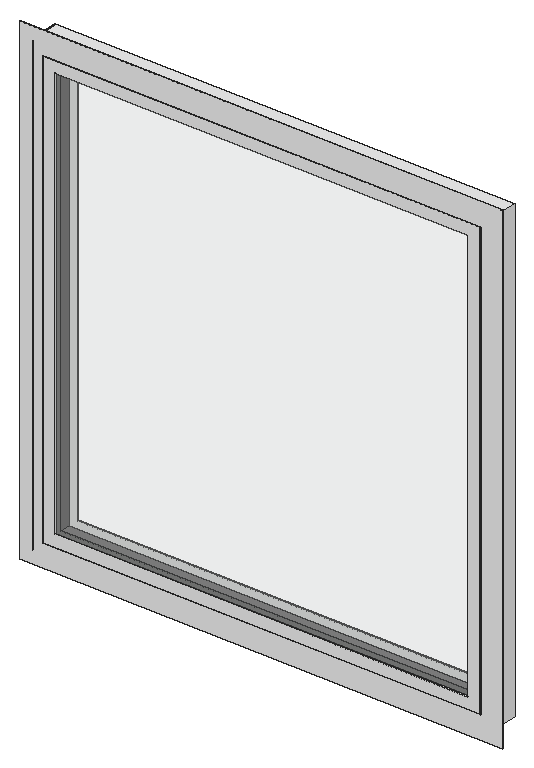
Revit family "Casement_34_C_Side_Hung_Standard", category Windows, host Wall, Revit 2014
Parameters (values of type "Casement_Sash_DG")
  Width Sash [instance] = 30 mm
  Width Sash Inner = 15 mm
  Width Bead = 15 mm
  Top Hung [instance] = yes
  Side Hung Right [instance] = yes
  Side Hung Left [instance] = yes
  Sash Opening Width [instance] = 600 mm
  Sash Opening Height [instance] = 600.312 mm
  Sash Lip = 15 mm
  Glazing Material [instance] = Glass
  DG Start Piece 2 [instance] = DG End Piece 1 + DG Gasket Thickness  # 25 mm
  DG Start Peice 1 [instance] = (Depth Sash - (2 * DG Glazing Thickness) - DG Gasket Thickness) / 2  # 6.6 mm
  Glazing Offset = 5 mm
  DG Glazing Thickness [instance] = 6.4 mm
  DG Gasket Thickness = 12 mm  # constant formula
  DG Gasket Material [instance] = Double Glazing Gasket Material
  DG End Piece 2 [instance] = DG Start Piece 2 + DG Glazing Thickness  # 31.4 mm
  DG End Piece 1 [instance] = DG Start Peice 1 + DG Glazing Thickness  # 13 mm
  Depth Sash [instance] = 38 mm
  Center Vertical Sash [instance] = Sash Opening Height / 2  # 300.156 mm
  Center Horizontal Sash [instance] = Sash Opening Width / 2  # 300 mm
  Bottom Hung [instance] = yes
  Bead Offset = 15 mm
  Aluminium Thickness = 1 mm
  Aluminium Material [instance] = White Powder Coated Aluminium
Reference planes
  plane 1 "Center (Front/Back)": y = 0
  plane 2: z = 0
  plane 3 "Center (Left/Right)": x = 0
Forms (mm)
  Sweep 1, solid, material "White Powder Coated Aluminium" <- "Aluminium Material"
    path origin (16.177, 0, 121.331) x (1, 0, 0) y (0, 0, 1)
      loop
        line (0, 0) -> (600, 0) -> (600, 600.312) -> (0, 600.312) -> (0, 0)
    profile origin (316.177, 0, 121.331) x (0, 0, 1) y (0, -1, 0)
      loop
        line (0, 0) -> (30, 0) -> (30, 1) -> (15, 1) -> (15, 38) -> (-15, 38) -> (-15, 37) -> (0, 37) -> (0, 0)
      loop
        line (14, 1) -> (14, 37) -> (1, 37) -> (1, 1) -> (14, 1)
  Sweep 2, solid, material "White Powder Coated Aluminium" <- "Aluminium Material"
    path origin (0, 0, 0) x (1, 0, 0) y (0, 0, 1)
      loop
        line (31.177, 706.643) -> (31.177, 136.331) -> (601.177, 136.331) -> (601.177, 706.643) -> (31.177, 706.643)
    profile origin (316.177, 0, 706.643) x (0, 0, 1) y (0, -1, 0)
      loop
        line (0, 37) -> (0, 38) -> (-15, 38) -> (-15, 37) -> (0, 37)
  Extrusion 3, solid, material "Glass" <- "Glazing Material"
    sketch origin (0, 0, 0) x (1, 0, 0) y (0, 0, 1)
      loop
        line (36.177, 701.643) -> (36.177, 141.331) -> (596.177, 141.331) -> (596.177, 701.643) -> (36.177, 701.643)
    from 6.6 <- "DG Start Peice 1" to 13 <- "DG End Piece 1"
  Extrusion 4, solid, material "Glass" <- "Glazing Material"
    sketch origin (0, 0, 0) x (1, 0, 0) y (0, 0, 1)
      loop
        line (36.177, 701.643) -> (36.177, 141.331) -> (596.177, 141.331) -> (596.177, 701.643) -> (36.177, 701.643)
    from 31.4 <- "DG End Piece 2" to 25 <- "DG Start Piece 2"
  Sweep 5, solid, material "Double Glazing Gasket Material" <- "DG Gasket Material"
    path origin (0, -13, 0) x (1, 0, 0) y (0, 0, 1)
      loop
        line (36.177, 701.643) -> (36.177, 141.331) -> (596.177, 141.331) -> (596.177, 701.643) -> (36.177, 701.643)
    profile origin (316.177, -13, 701.643) x (0, 0, 1) y (0, -1, 0)
      loop
        line (0, 0) -> (0, 12) -> (-7.96, 12) -> (-7.96, 0) -> (0, 0)
Lines and regions (mm)
  model lines
    curve 1: line (1.177, -38, 736.643) -> (31.177, -38, 706.643)
    curve 2: line (601.177, -38, 706.643) -> (631.177, -38, 736.643)
    curve 3: line (601.177, -38, 136.331) -> (631.177, -38, 106.331)
    curve 4: line (1.177, -38, 106.331) -> (31.177, -38, 136.331)
    curve 5: line (631.177, -37, 736.643) -> (616.177, -37, 721.643)
    curve 6: line (1.177, -37, 736.643) -> (16.177, -37, 721.643)
    curve 7: line (1.177, -37, 106.331) -> (16.177, -37, 121.331)
    curve 8: line (631.177, -37, 106.331) -> (616.177, -37, 121.331)
    curve 9: line (616.177, 0, 121.331) -> (586.177, 0, 151.331)
    curve 10: line (46.177, 0, 151.331) -> (16.177, 0, 121.331)
    curve 11: line (616.177, 0, 721.643) -> (586.177, 0, 691.643)
    curve 12: line (46.177, 0, 691.643) -> (16.177, 0, 721.643)
    curve 13: line (31.177, -38, 691.643) -> (46.177, -38, 691.643)
    curve 14: line (586.177, -38, 691.643) -> (601.177, -38, 691.643)
    curve 15: line (586.177, -38, 151.331) -> (601.177, -38, 151.331)
    curve 16: line (31.177, -38, 151.331) -> (46.177, -38, 151.331)
  model lines, style "GenericModelHiddenLines", visible <- "Top Hung"
    curve 17: line (46.386, -31.4, 690.914) -> (316.177, -31.4, 151.331)
    curve 18: line (316.177, -31.4, 151.331) -> (586.177, -31.4, 691.331)
  model lines, style "GenericModelHiddenLines", visible <- "Bottom Hung"
    curve 19: line (46.177, -31.4, 151.331) -> (316.177, -31.4, 691.331)
    curve 20: line (316.177, -31.4, 691.331) -> (586.177, -31.4, 151.331)
  model lines, style "GenericModelHiddenLines", visible <- "Side Hung Left"
    curve 21: line (46.386, -31.4, 690.914) -> (585.24, -31.4, 421.487)
    curve 22: line (585.24, -31.4, 421.487) -> (46.177, -31.4, 151.331)
  model lines, style "GenericModelHiddenLines", visible <- "Side Hung Right"
    curve 23: line (586.177, -31.4, 691.331) -> (46.177, -31.4, 421.487)
    curve 24: line (46.177, -31.4, 421.487) -> (586.177, -31.4, 151.331)
Dimensions and locks
  "Aluminium Thickness": Sweep 1 sketch curve to Sweep 1 sketch curve  (x4)
  "Depth Sash": Sweep 1 sketch curve to Sweep 1 sketch curve
  "Sash Opening Width": Sweep 1 to Sweep 1
  "Sash Opening Height": Sweep 1 to Sweep 1
  "Width Sash": Sweep 1 sketch curve to Sweep 1 sketch curve  (x2)
  "Width Sash Inner": Sweep 1 sketch curve to Sweep 1 sketch curve
  "Sash Lip": Sweep 1 sketch curve to Sweep 1 sketch curve
  "Aluminium Thickness": Sweep 1 to Sweep 2 sketch curve
  "Glazing Offset": Sweep 2 to Extrusion 3 sketch curve  (x3)
  "Glazing Offset": Extrusion 3 sketch curve to Sweep 2
  Sweep 1 to Sweep 1 = 1 mm
  "Aluminium Thickness": Sweep 2 sketch curve to Sweep 2 sketch curve
  "Width Bead": Sweep 2 sketch curve to Sweep 2 sketch curve
  locked: Sweep 5 sketch curve to Sweep 5 sketch curve at 7.96
  "Center Horizontal Sash": Sweep 1 to curve 18
  "Center Horizontal Sash": Sweep 1 to curve 20
  "Center Vertical Sash": Sweep 1 to curve 22
  "Center Vertical Sash": Sweep 1 to curve 24
  aligned and locked: level to plane 2
  aligned and locked: Sweep 1 sketch curve to Sweep 1 sketch curve  (x2)
  aligned and locked: Sweep 2 sketch curve to Sweep 1  (x5)
  aligned and locked: Extrusion 4 sketch curve to Extrusion 3  (x4)
  aligned and locked: Sweep 5 sketch curve to Extrusion 3  (x5)
  aligned and locked: Extrusion 3 to Sweep 5 sketch curve
Automatic sketch dimensions
  plane 3 "Center (Left/Right)" to Sweep 1 sketch curve = 16.177 mm
  level to Sweep 1 sketch curve = 121.331 mm
  plane 3 "Center (Left/Right)" to Sweep 1 sketch curve = 616.177 mm
  level to Sweep 1 sketch curve = 721.643 mm
  profile plane to Sweep 5 sketch curve = 12 mm
  curve 7 to Sweep 1 = 0 mm  (x4)
  curve 6 to Sweep 1 = 0 mm  (x3)
  Sweep 1 to curve 6 = 0 mm
  curve 5 to Sweep 1 = 0 mm  (x3)
  curve 8 to Sweep 1 = 0 mm  (x4)
  Sweep 1 to curve 5 = 0 mm
  curve 16 to Sweep 2 = 0 mm  (x3)
  curve 13 to Sweep 2 = 0 mm  (x3)
  curve 15 to Sweep 2 = 0 mm
  Sweep 2 to curve 15 = 0 mm  (x2)
  curve 14 to Sweep 2 = 0 mm  (x2)
  Sweep 2 to curve 14 = 0 mm
  curve 1 to Sweep 1 = 0 mm  (x4)
  curve 4 to Sweep 1 = 0 mm  (x3)
  Sweep 1 to curve 4 = 0 mm
  curve 3 to Sweep 1 = 0 mm  (x3)
  curve 2 to Sweep 1 = 0 mm  (x4)
  Sweep 1 to curve 3 = 0 mm
  curve 10 to Sweep 1 = 0 mm  (x4)
  curve 12 to Sweep 1 = 0 mm  (x3)
  Sweep 1 to curve 12 = 0 mm
  curve 9 to Sweep 1 = 0 mm  (x4)
  curve 11 to Sweep 1 = 0 mm  (x3)
  Sweep 1 to curve 11 = 0 mm
  Sweep 1 sketch curve to plane 1 "Center (Front/Back)" = 0 mm
  profile plane to Sweep 1 sketch curve = 0 mm
  curve 21 to Extrusion 4 = 10.208 mm
  curve 19 to Extrusion 4 = 10 mm
  curve 23 to Extrusion 4 = 10 mm  (x2)
  curve 22 to Extrusion 4 = 10.937 mm
  curve 20 to Extrusion 4 = 10 mm
  curve 24 to Extrusion 4 = 10 mm
  curve 22 to Extrusion 4 = 10 mm
  curve 18 to Extrusion 4 = 10 mm
  curve 21 to Extrusion 4 = 10.729 mm
  curve 19 to Extrusion 4 = 10.312 mm
  curve 18 to Extrusion 4 = 10.312 mm
Types in the file's own list only (12): name | Windload Design | Width Sash Right Opening | Width Sash Right | Width Sash Left Opening | Width Sash Left | Width Profile | Width Fixed Panel Center | Width | URL | Offset Window Exterior | Offset Mullion Right Side | Max System DG Unit Thickness | Max System DG One Piece Thickness | Max Pane Area | Intruderprufe U Value | Intruderprufe SHGC Value | Intruderprufe LowE U Value | Intruderprufe LowE SHGC Value | Height Sash Opening | Height | Energy Advantage U Value | Energy Advantage SHGC Value | DG Thickness Calc | Custom Window Width | Custom Window Height | Window Exterior Offset | Custom Windload | Custom Sash Right Width | Custom Sash Left Width | Sash Height | Side Hung Right | Sash Spacing Inner | Sash Overlap | Sash Center Offset | SG Gasket Thickness | Offset Sash Side | Offset Sash Top | Offset Fixed Panel Left | Offset Mullion Left Side | Offset Bead Center Reversed | Model | Manufacturer | Limit Window Width Min | Limit Window Width Max | Limit Window Height Min | Limit Window Height Max | Limit Sash Width Min | Limit Sash Width Max | Limit Sash Height Min | Limit Sash Height Max | Limit Fixed Pane Width Min | Limit Fixed Pane Width Max | Length Mullion | Height Sash | Height Fixed Panel Center | Description | Depth Mullion | Frame Center Offset | Depth Bead | Default Sill Height | Wall Closure | DG Gasket Finish | DG Extrusion Start | Mullion Depth Windload Based | Clearvue U Value | Clearvue SHGC Value | Clearvue Insulated U Value | Clearvue Insulated LowE U Value | Clearvue Insulated LowE SHGC Value | Casement Dimension | Bead SG Gap | Area Pane Right | Area Pane Middle | Area Pane Left | All Available Glazing Numbers
  34-1809SS-1000Pa | 1000 mm | 524 mm | 554 mm | 524 mm | 554 mm | 30 mm | 590 mm | 1790 mm | "http://www.crealco.co.za/crealco-products.php" | 17 mm | 570 mm | 20 mm | 4 mm | 0.48 m² | 6.07 | 0.58 | 4.48 | 0.514 | 844 mm | 890 mm | 4.64 | 0.55 | 4 mm | 1790 mm | 890 mm | 0 mm | 1000 mm | 554 mm | 554 mm | 845 mm | No | 8 mm | 7 mm | 14 mm | 6 mm | 23 mm | 23 mm | 600 mm | 570 mm | 17 mm | "Casement 34" | "Crealco" | 1400 mm | 2700 mm | 346 mm | 1546 mm | 300 mm | 700 mm | 300 mm | 1500 mm | 200 mm | 1500 mm | 890 mm | 814 mm | 830 mm | "Window 34mm, Type C side hung" | 35 mm | 17 mm | 20 mm | 800 mm | By host | Double Glazing Gasket Material | 7 mm | 35 mm | 6.11 | 0.614 | 4.06 | 3.44 | 0.496 | 34 mm | 13 mm | 0.35 m² | 0.48 m² | 0.35 m² | "The rows below list the available glazing materials for this window:"
  34-1809SS-1500Pa | 1500 mm | 524 mm | 554 mm | 524 mm | 554 mm | 30 mm | 590 mm | 1790 mm | "http://www.crealco.co.za/crealco-products.php" | 17 mm | 570 mm | 20 mm | 4 mm | 0.48 m² | 6.07 | 0.58 | 4.48 | 0.514 | 844 mm | 890 mm | 4.64 | 0.55 | 4 mm | 1790 mm | 890 mm | 0 mm | 1500 mm | 554 mm | 554 mm | 845 mm | No | 8 mm | 7 mm | 14 mm | 6 mm | 23 mm | 23 mm | 600 mm | 570 mm | 17 mm | "Casement 34" | "Crealco" | 1400 mm | 2700 mm | 346 mm | 1546 mm | 300 mm | 700 mm | 300 mm | 1500 mm | 200 mm | 1500 mm | 890 mm | 814 mm | 830 mm | "Window 34mm, Type C side hung" | 35 mm | 17 mm | 20 mm | 800 mm | By host | Double Glazing Gasket Material | 7 mm | 35 mm | 6.11 | 0.614 | 4.06 | 3.44 | 0.496 | 34 mm | 13 mm | 0.35 m² | 0.48 m² | 0.35 m² | "The rows below list the available glazing materials for this window:"
  34-1809SS-2000Pa | 2000 mm | 524 mm | 554 mm | 524 mm | 554 mm | 30 mm | 590 mm | 1790 mm | "http://www.crealco.co.za/crealco-products.php" | 17 mm | 570 mm | 20 mm | 4 mm | 0.48 m² | 6.07 | 0.58 | 4.48 | 0.514 | 844 mm | 890 mm | 4.64 | 0.55 | 4 mm | 1790 mm | 890 mm | 0 mm | 2000 mm | 554 mm | 554 mm | 845 mm | No | 8 mm | 7 mm | 14 mm | 6 mm | 23 mm | 23 mm | 600 mm | 570 mm | 17 mm | "Casement 34" | "Crealco" | 1400 mm | 2700 mm | 346 mm | 1546 mm | 300 mm | 700 mm | 300 mm | 1500 mm | 200 mm | 1500 mm | 890 mm | 814 mm | 830 mm | "Window 34mm, Type C side hung" | 35 mm | 17 mm | 20 mm | 800 mm | By host | Double Glazing Gasket Material | 7 mm | 35 mm | 6.11 | 0.614 | 4.06 | 3.44 | 0.496 | 34 mm | 13 mm | 0.35 m² | 0.48 m² | 0.35 m² | "The rows below list the available glazing materials for this window:"
  34-2409SS-1000Pa | 1000 mm | 524 mm | 554 mm | 524 mm | 554 mm | 30 mm | 1190 mm | 2390 mm | "http://www.crealco.co.za/crealco-products.php" | 17 mm | 570 mm | 20 mm | 4 mm | 0.97 m² | 6 | 0.615 | 4.3 | 0.544 | 844 mm | 890 mm | 4.49 | 0.583 | 4 mm | 2390 mm | 890 mm | 0 mm | 1000 mm | 554 mm | 554 mm | 845 mm | No | 8 mm | 7 mm | 14 mm | 6 mm | 23 mm | 23 mm | 600 mm | 570 mm | 17 mm | "Casement 34" | "Crealco" | 1400 mm | 2700 mm | 346 mm | 1546 mm | 300 mm | 700 mm | 300 mm | 1500 mm | 200 mm | 1500 mm | 890 mm | 814 mm | 830 mm | "Window 34mm, Type C side hung" | 35 mm | 17 mm | 20 mm | 800 mm | By host | Double Glazing Gasket Material | 7 mm | 35 mm | 6.07 | 0.651 | 3.84 | 3.2 | 0.525 | 34 mm | 13 mm | 0.35 m² | 0.97 m² | 0.35 m² | "The rows below list the available glazing materials for this window:"
  34-2409SS-1500Pa | 1500 mm | 524 mm | 554 mm | 524 mm | 554 mm | 30 mm | 1190 mm | 2390 mm | "http://www.crealco.co.za/crealco-products.php" | 17 mm | 570 mm | 20 mm | 4 mm | 0.97 m² | 6 | 0.615 | 4.3 | 0.544 | 844 mm | 890 mm | 4.49 | 0.583 | 4 mm | 2390 mm | 890 mm | 0 mm | 1500 mm | 554 mm | 554 mm | 845 mm | No | 8 mm | 7 mm | 14 mm | 6 mm | 23 mm | 23 mm | 600 mm | 570 mm | 17 mm | "Casement 34" | "Crealco" | 1400 mm | 2700 mm | 346 mm | 1546 mm | 300 mm | 700 mm | 300 mm | 1500 mm | 200 mm | 1500 mm | 890 mm | 814 mm | 830 mm | "Window 34mm, Type C side hung" | 35 mm | 17 mm | 20 mm | 800 mm | By host | Double Glazing Gasket Material | 7 mm | 35 mm | 6.07 | 0.651 | 3.84 | 3.2 | 0.525 | 34 mm | 13 mm | 0.35 m² | 0.97 m² | 0.35 m² | "The rows below list the available glazing materials for this window:"
  34-2409SS-2000Pa | 2000 mm | 524 mm | 554 mm | 524 mm | 554 mm | 30 mm | 1190 mm | 2390 mm | "http://www.crealco.co.za/crealco-products.php" | 17 mm | 570 mm | 20 mm | 4 mm | 0.97 m² | 6 | 0.615 | 4.3 | 0.544 | 844 mm | 890 mm | 4.49 | 0.583 | 4 mm | 2390 mm | 890 mm | 0 mm | 2000 mm | 554 mm | 554 mm | 845 mm | No | 8 mm | 7 mm | 14 mm | 6 mm | 23 mm | 23 mm | 600 mm | 570 mm | 17 mm | "Casement 34" | "Crealco" | 1400 mm | 2700 mm | 346 mm | 1546 mm | 300 mm | 700 mm | 300 mm | 1500 mm | 200 mm | 1500 mm | 890 mm | 814 mm | 830 mm | "Window 34mm, Type C side hung" | 35 mm | 17 mm | 20 mm | 800 mm | By host | Double Glazing Gasket Material | 7 mm | 35 mm | 6.07 | 0.651 | 3.84 | 3.2 | 0.525 | 34 mm | 13 mm | 0.35 m² | 0.97 m² | 0.35 m² | "The rows below list the available glazing materials for this window:"
  34-1812SS-1000Pa | 1000 mm | 524 mm | 554 mm | 524 mm | 554 mm | 30 mm | 590 mm | 1790 mm | "http://www.crealco.co.za/crealco-products.php" | 17 mm | 570 mm | 20 mm | 4 mm | 0.65 m² | 6.05 | 0.603 | 4.41 | 0.533 | 1144 mm | 1190 mm | 4.55 | 0.571 | 4 mm | 1790 mm | 1190 mm | 0 mm | 1000 mm | 554 mm | 554 mm | 1145 mm | No | 8 mm | 7 mm | 14 mm | 6 mm | 23 mm | 23 mm | 600 mm | 570 mm | 17 mm | "Casement 34" | "Crealco" | 1400 mm | 2700 mm | 346 mm | 1546 mm | 300 mm | 700 mm | 300 mm | 1500 mm | 200 mm | 1500 mm | 1190 mm | 1114 mm | 1130 mm | "Window 34mm, Type C side hung" | 35 mm | 17 mm | 20 mm | 800 mm | By host | Double Glazing Gasket Material | 7 mm | 35 mm | 6.09 | 0.637 | 3.95 | 3.3 | 0.514 | 34 mm | 13 mm | 0.49 m² | 0.65 m² | 0.49 m² | "The rows below list the available glazing materials for this window:"
  34-1812SS-1500Pa | 1500 mm | 524 mm | 554 mm | 524 mm | 554 mm | 30 mm | 590 mm | 1790 mm | "http://www.crealco.co.za/crealco-products.php" | 17 mm | 570 mm | 20 mm | 4 mm | 0.65 m² | 5.83 | 0.6 | 4.53 | 0.536 | 1144 mm | 1190 mm | 4.67 | 0.572 | 4 mm | 1790 mm | 1190 mm | 0 mm | 1500 mm | 554 mm | 554 mm | 1145 mm | No | 8 mm | 7 mm | 14 mm | 6 mm | 23 mm | 23 mm | 600 mm | 570 mm | 17 mm | "Casement 34" | "Crealco" | 1400 mm | 2700 mm | 346 mm | 1546 mm | 300 mm | 700 mm | 300 mm | 1500 mm | 200 mm | 1500 mm | 1190 mm | 1114 mm | 1130 mm | "Window 34mm, Type C side hung" | 35 mm | 17 mm | 20 mm | 800 mm | By host | Double Glazing Gasket Material | 7 mm | 54 mm | 6.19 | 0.638 | 3.84 | 3.46 | 0.516 | 34 mm | 13 mm | 0.49 m² | 0.65 m² | 0.49 m² | "The rows below list the available glazing materials for this window:"
  34-1812SS-2000Pa | 2000 mm | 524 mm | 554 mm | 524 mm | 554 mm | 30 mm | 590 mm | 1790 mm | "http://www.crealco.co.za/crealco-products.php" | 17 mm | 570 mm | 20 mm | 4 mm | 0.65 m² | 5.83 | 0.6 | 4.53 | 0.536 | 1144 mm | 1190 mm | 4.67 | 0.572 | 4 mm | 1790 mm | 1190 mm | 0 mm | 2000 mm | 554 mm | 554 mm | 1145 mm | No | 8 mm | 7 mm | 14 mm | 6 mm | 23 mm | 23 mm | 600 mm | 570 mm | 17 mm | "Casement 34" | "Crealco" | 1400 mm | 2700 mm | 346 mm | 1546 mm | 300 mm | 700 mm | 300 mm | 1500 mm | 200 mm | 1500 mm | 1190 mm | 1114 mm | 1130 mm | "Window 34mm, Type C side hung" | 35 mm | 17 mm | 20 mm | 800 mm | By host | Double Glazing Gasket Material | 7 mm | 54 mm | 6.19 | 0.638 | 3.84 | 3.46 | 0.516 | 34 mm | 13 mm | 0.49 m² | 0.65 m² | 0.49 m² | "The rows below list the available glazing materials for this window:"
  34-2412SS-1000Pa | 1000 mm | 524 mm | 554 mm | 524 mm | 554 mm | 30 mm | 1190 mm | 2390 mm | "http://www.crealco.co.za/crealco-products.php" | 17 mm | 570 mm | 20 mm | 4 mm | 1.32 m² | 5.82 | 0.636 | 4.33 | 0.565 | 1144 mm | 1190 mm | 4.49 | 0.604 | 4 mm | 2390 mm | 1190 mm | 0 mm | 1000 mm | 554 mm | 554 mm | 1145 mm | No | 8 mm | 7 mm | 14 mm | 6 mm | 23 mm | 23 mm | 600 mm | 570 mm | 17 mm | "Casement 34" | "Crealco" | 1400 mm | 2700 mm | 346 mm | 1546 mm | 300 mm | 700 mm | 300 mm | 1500 mm | 200 mm | 1500 mm | 1190 mm | 1114 mm | 1130 mm | "Window 34mm, Type C side hung" | 35 mm | 17 mm | 20 mm | 800 mm | By host | Double Glazing Gasket Material | 7 mm | 54 mm | 6.13 | 0.674 | 3.65 | 3.18 | 0.544 | 34 mm | 13 mm | 0.49 m² | 1.32 m² | 0.49 m² | "The rows below list the available glazing materials for this window:"
  34-2412SS-1500Pa | 1500 mm | 524 mm | 554 mm | 524 mm | 554 mm | 30 mm | 1190 mm | 2390 mm | "http://www.crealco.co.za/crealco-products.php" | 17 mm | 570 mm | 20 mm | 4 mm | 1.32 m² | 5.82 | 0.636 | 4.33 | 0.565 | 1144 mm | 1190 mm | 4.49 | 0.604 | 4 mm | 2390 mm | 1190 mm | 0 mm | 1500 mm | 554 mm | 554 mm | 1145 mm | No | 8 mm | 7 mm | 14 mm | 6 mm | 23 mm | 23 mm | 600 mm | 570 mm | 17 mm | "Casement 34" | "Crealco" | 1400 mm | 2700 mm | 346 mm | 1546 mm | 300 mm | 700 mm | 300 mm | 1500 mm | 200 mm | 1500 mm | 1190 mm | 1114 mm | 1130 mm | "Window 34mm, Type C side hung" | 35 mm | 17 mm | 20 mm | 800 mm | By host | Double Glazing Gasket Material | 7 mm | 54 mm | 6.13 | 0.674 | 3.65 | 3.18 | 0.544 | 34 mm | 13 mm | 0.49 m² | 1.32 m² | 0.49 m² | "The rows below list the available glazing materials for this window:"
  34-2412SS-2000Pa | 2000 mm | 524 mm | 554 mm | 524 mm | 554 mm | 30 mm | 1190 mm | 2390 mm | "http://www.crealco.co.za/crealco-products.php" | 17 mm | 570 mm | 20 mm | 4 mm | 1.32 m² | 5.82 | 0.636 | 4.33 | 0.565 | 1144 mm | 1190 mm | 4.49 | 0.604 | 4 mm | 2390 mm | 1190 mm | 0 mm | 2000 mm | 554 mm | 554 mm | 1145 mm | No | 8 mm | 7 mm | 14 mm | 6 mm | 23 mm | 23 mm | 600 mm | 570 mm | 17 mm | "Casement 34" | "Crealco" | 1400 mm | 2700 mm | 346 mm | 1546 mm | 300 mm | 700 mm | 300 mm | 1500 mm | 200 mm | 1500 mm | 1190 mm | 1114 mm | 1130 mm | "Window 34mm, Type C side hung" | 35 mm | 17 mm | 20 mm | 800 mm | By host | Double Glazing Gasket Material | 7 mm | 54 mm | 6.13 | 0.674 | 3.65 | 3.18 | 0.544 | 34 mm | 13 mm | 0.49 m² | 1.32 m² | 0.49 m² | "The rows below list the available glazing materials for this window:"
